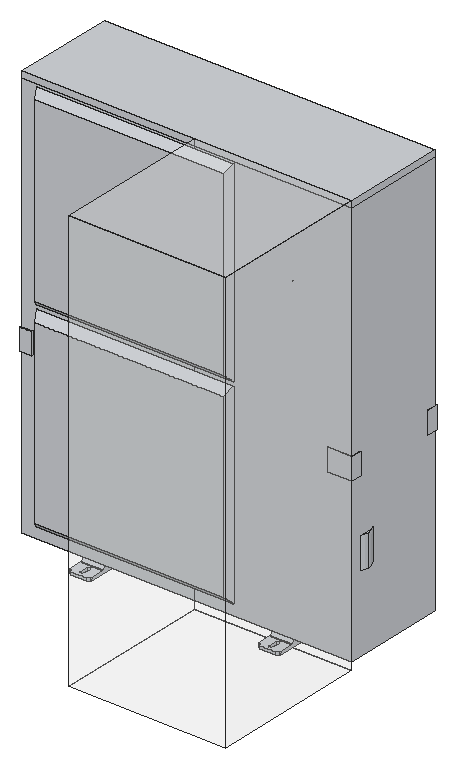
Revit family "pumy-fmp80km3_280hm3_60hz", category 機械設備, Revit 2019 (continued)
Definition of nested family "PUMY-FMP-2"
  Lines and regions (mm)
    symbolic lines, visible <- "表示", detail levels coarse+medium
      curve 29: arc (496.543, 25, 630) -> (491.785, 36.485, 630) -> (480.3, 41.243, 630) r 16.243
      curve 30: arc (496.543, -25, 630) -> (491.785, -36.485, 630) -> (480.3, -41.243, 630) r 16.243
      curve 39: line (-479.7, -48.757, 630) -> (480.3, -48.757, 630)
      curve 40: line (-495.943, -115, 630) -> (-495.943, -65, 630)
      curve 41: line (480.3, -131.243, 630) -> (-479.7, -131.243, 630)
      curve 42: line (496.543, -65, 630) -> (496.543, -115, 630)
      curve 43: arc (-479.7, -48.757, 630) -> (-491.185, -53.515, 630) -> (-495.943, -65, 630) r 16.243
      curve 44: arc (-495.943, -115, 630) -> (-491.185, -126.485, 630) -> (-479.7, -131.243, 630) r 16.243
      curve 45: arc (496.543, -65, 630) -> (491.785, -53.515, 630) -> (480.3, -48.757, 630) r 16.243
      curve 46: arc (496.543, -115, 630) -> (491.785, -126.485, 630) -> (480.3, -131.243, 630) r 16.243
      curve 146: line (233.978, 179.923, 207) -> (-344.835, 179.923, 207)
      curve 147: line (-265, 179.923, 207) -> (-265, 199.4, 207)
      curve 148: line (-265, 199.4, 207) -> (-294, 199.4, 207)
      curve 149: line (-335, 199.4, 207) -> (-335, 179.923, 207)
      curve 150: line (-344.835, 179.923, 207) -> (-463.396, 179.923, 207)
      curve 151: line (-463.396, 179.923, 207) -> (-472.012, 165, 207)
      curve 152: line (-454.732, 165, 207) -> (-525, 165, 207)
      curve 153: line (-525, 165, 207) -> (-525, -165, 207)
      curve 154: line (-525, -165, 207) -> (-70.251, -165, 207)
      curve 155: line (-474.702, -165, 207) -> (-462.801, -190, 207)
      curve 156: line (-462.801, -190, 207) -> (-363.551, -190, 207)
      curve 157: line (-335, -190, 207) -> (-335, -217.6, 207)
      curve 158: line (-335, -217.6, 207) -> (-265, -217.6, 207)
      curve 159: line (-265, -217.6, 207) -> (-265, -190, 207)
      curve 160: line (-363.551, -190, 207) -> (136.799, -190, 207)
      curve 161: line (136.799, -190, 207) -> (148.7, -165, 207)
      curve 162: line (-70.251, -165, 207) -> (443.334, -165, 207)
      curve 163: line (265, -165, 207) -> (265, -217.6, 207)
      curve 164: line (265, -217.6, 207) -> (335, -217.6, 207)
      curve 165: line (335, -217.6, 207) -> (335, -165, 207)
      curve 166: line (443.334, -165, 207) -> (525, -165, 207)
      curve 167: line (525, -165, 207) -> (525, 165, 207)
      curve 168: line (525, 165, 207) -> (-454.732, 165, 207)
      curve 169: line (335, 165, 207) -> (335, 199.4, 207)
      curve 170: line (335, 199.4, 207) -> (306, 199.4, 207)
      curve 171: line (265, 199.4, 207) -> (265, 165, 207)
      curve 172: line (242.594, 165, 207) -> (233.978, 179.923, 207)
      curve 173: line (-306, 179.923, 207) -> (-306, 199.4, 207)
      curve 174: line (-294, 199.4, 207) -> (-294, 179.923, 207)
      curve 175: line (294, 180.4, 207) -> (294, 199.4, 207)
      curve 176: line (306, 199.4, 207) -> (306, 180.4, 207)
      curve 177: arc (306, -203.6, 207) -> (300, -209.6, 207) -> (294, -203.6, 207) r 6
      curve 178: line (306, -179.6, 207) -> (306, -203.6, 207)
      curve 179: line (294, -203.6, 207) -> (294, -179.6, 207)
      curve 180: arc (-294, -203.6, 207) -> (-300, -209.6, 207) -> (-306, -203.6, 207) r 6
      curve 181: line (-306, 199.4, 207) -> (-335, 199.4, 207)
      curve 182: line (294, 199.4, 207) -> (265, 199.4, 207)
      curve 183: arc (306, 180.4, 207) -> (300, 174.4, 207) -> (294, 180.4, 207) r 6
      curve 258: arc (306, -179.6, 207) -> (300, -173.6, 207) -> (294, -179.6, 207) r 6
      curve 259: line (-294, -189.773, 207) -> (-294, -203.6, 207)
      curve 260: line (-306, -189.773, 207) -> (-306, -203.6, 207)
  Dimensions and locks
    locked: plane 12 to level at 26
    plane 11 to plane 12 = 1292 mm
    locked: plane 5 to plane 11 at 20
    "D": plane 9 to plane 8
    "W": plane 6 to plane 7
    equal spacing: plane 9, plane 1 "中心(正面/背面)", plane 8
    equal spacing: plane 6, plane 4, plane 7
    "H": plane 5 to level
    aligned and locked: level to plane 2
    aligned and locked: Extrusion 2 to plane 11
    aligned and locked: plane 5 to Extrusion 2
    aligned and locked: plane 11 to Extrusion 1
  Automatic sketch dimensions
    Extrusion 1 sketch curve to plane 7 = 0 mm
    Extrusion 1 sketch curve to plane 6 = 0 mm
    plane 8 to Extrusion 1 sketch curve = 0 mm
    plane 9 to Extrusion 1 sketch curve = 0 mm
    Extrusion 2 sketch curve to plane 7 = 0 mm
    Extrusion 2 sketch curve to plane 6 = 0 mm
    plane 8 to Extrusion 2 sketch curve = 0 mm
    plane 9 to Extrusion 2 sketch curve = 0 mm
    plane 6 to Blend 3 sketch curve = 50.298 mm
    plane 12 to Blend 3 sketch curve = 33.346 mm
    plane 3 "中心(左/右)" to Blend 3 sketch curve = 148.7 mm
    Blend 3 sketch curve to Blend 3 sketch curve = 620.109 mm
    plane 6 to Blend 3 sketch curve = 62.199 mm
    plane 12 to Blend 3 sketch curve = 56.9 mm
    plane 3 "中心(左/右)" to Blend 3 sketch curve = 136.799 mm
    Blend 3 sketch curve to Blend 3 sketch curve = 573 mm
    curve 42 to plane 7 = 28.457 mm
    curve 26 to plane 7 = 28.457 mm
    curve 10 to plane 7 = 28.457 mm
    curve 45 to curve 39 = 16.243 mm
    curve 46 to curve 41 = 16.243 mm
    curve 14 to curve 14 = 16.243 mm
    curve 30 to curve 30 = 16.243 mm
    curve 23 to curve 14 = 0 mm
    curve 13 to curve 7 = 16.243 mm
    plane 6 to curve 7 = 45.3 mm
    plane 1 "中心(正面/背面)" to curve 28 = 25 mm
    plane 6 to curve 28 = 45.3 mm
    plane 6 to curve 44 = 45.3 mm
    curve 27 to plane 1 "中心(正面/背面)" = 25 mm
    plane 6 to curve 27 = 45.3 mm
    curve 12 to curve 27 = 0 mm
    curve 39 to curve 25 = 0 mm
    curve 43 to curve 40 = 16.243 mm
    curve 27 to curve 24 = 16.243 mm
    curve 11 to curve 8 = 16.243 mm
    curve 9 to curve 23 = 7.515 mm
    plane 8 to curve 13 = 50 mm
    curve 30 to curve 39 = 7.515 mm
    curve 44 to plane 9 = 50 mm
    Masking region 1 sketch curve to plane 6 = 0 mm
    plane 9 to Masking region 1 sketch curve = 0 mm  (x3)
    plane 8 to Masking region 1 sketch curve = 0 mm  (x3)
    plane 10 to Masking region 1 sketch curve = 0 mm  (x2)
    Masking region 1 sketch curve to plane 7 = 0 mm
    Masking region 1 sketch curve to Masking region 1 sketch curve = 50.298 mm
    Masking region 1 sketch curve to Masking region 1 sketch curve = 52.988 mm
    Masking region 1 sketch curve to plane 8 = 14.923 mm  (x2)
    Masking region 1 sketch curve to Masking region 1 sketch curve = 8.616 mm  (x2)
    Masking region 1 sketch curve to Masking region 1 sketch curve = 11.901 mm  (x2)
    plane 10 to Masking region 1 sketch curve = 27.6 mm  (x2)
    Masking region 1 sketch curve to Masking region 1 sketch curve = 127.801 mm
    Masking region 1 sketch curve to Masking region 1 sketch curve = 128.396 mm
    Masking region 1 sketch curve to Masking region 1 sketch curve = 70 mm  (x4)
    plane 3 "中心(左/右)" to Masking region 1 sketch curve = 136.799 mm
    Masking region 1 sketch curve to Masking region 1 sketch curve = 116.3 mm
    plane 3 "中心(左/右)" to Masking region 1 sketch curve = 233.978 mm
    Masking region 1 sketch curve to Masking region 1 sketch curve = 22.406 mm
    Masking region 1 sketch curve to Masking region 1 sketch curve = 19.477 mm
    Masking region 1 sketch curve to Masking region 1 sketch curve = 34.4 mm
    Blend 3 to curve 53 = 0 mm
    Blend 3 to curve 51 = 0 mm
    curve 100 to Blend 3 = 0 mm  (x2)
    curve 99 to Blend 3 = 0 mm  (x2)
    curve 98 to Blend 3 = 0 mm  (x2)
    curve 97 to Blend 3 = 0 mm  (x2)
    curve 96 to Blend 3 = 0 mm  (x2)
    curve 95 to Blend 3 = 0 mm  (x2)
    curve 94 to Blend 3 = 0 mm  (x2)
    curve 93 to Blend 3 = 0 mm  (x2)
    curve 92 to Blend 3 = 0 mm  (x2)
    curve 91 to Blend 3 = 0 mm  (x2)
    curve 90 to Blend 3 = 0 mm  (x2)
    curve 89 to Blend 3 = 0 mm  (x2)
    curve 88 to Blend 3 = 0 mm  (x2)
    curve 87 to Blend 3 = 0 mm  (x2)
    curve 86 to Blend 3 = 0 mm  (x2)
    curve 85 to Blend 3 = 0 mm  (x2)
    curve 84 to Blend 3 = 0 mm  (x2)
    curve 83 to Blend 3 = 0 mm  (x2)
    curve 82 to Blend 3 = 0 mm  (x2)
    curve 81 to Blend 3 = 0 mm  (x2)
    curve 80 to Blend 3 = 0 mm  (x2)
    curve 79 to Blend 3 = 0 mm  (x2)
    curve 78 to Blend 3 = 0 mm  (x2)
    curve 77 to Blend 3 = 0 mm  (x2)
    curve 6 to Blend 3 = 0 mm  (x2)
    curve 55 to Blend 3 = 0 mm  (x2)
    curve 56 to Blend 3 = 0 mm  (x2)
    curve 57 to Blend 3 = 0 mm  (x2)
    curve 58 to Blend 3 = 0 mm  (x2)
    curve 59 to Blend 3 = 0 mm  (x2)
    curve 60 to Blend 3 = 0 mm  (x2)
    curve 61 to Blend 3 = 0 mm  (x2)
    curve 62 to Blend 3 = 0 mm  (x2)
    curve 63 to Blend 3 = 0 mm  (x2)
    curve 64 to Blend 3 = 0 mm  (x2)
    curve 65 to Blend 3 = 0 mm  (x2)
    curve 66 to Blend 3 = 0 mm  (x2)
    curve 67 to Blend 3 = 0 mm  (x2)
    curve 68 to Blend 3 = 0 mm  (x2)
    curve 69 to Blend 3 = 0 mm  (x2)
    curve 70 to Blend 3 = 0 mm  (x2)
    curve 71 to Blend 3 = 0 mm  (x2)
    curve 72 to Blend 3 = 0 mm  (x2)
    curve 73 to Blend 3 = 0 mm  (x2)
    curve 74 to Blend 3 = 0 mm  (x2)
    curve 75 to Blend 3 = 0 mm  (x2)
    curve 76 to Blend 3 = 0 mm  (x2)
    curve 184 to Blend 3 = 0 mm  (x2)
    curve 185 to Blend 3 = 0 mm  (x2)
    curve 186 to Blend 3 = 0 mm  (x2)
    curve 187 to Blend 3 = 0 mm  (x2)
    curve 188 to Blend 3 = 0 mm  (x2)
    curve 189 to Blend 3 = 0 mm  (x2)
    curve 190 to Blend 3 = 0 mm  (x2)
    curve 51 to Blend 3 = 0 mm
    curve 53 to Blend 3 = 0 mm
    Blend 3 to curve 54 = 0 mm
    Blend 3 to curve 5 = 0 mm
    curve 52 to Blend 3 = 0 mm
    curve 100 to Blend 3 = 5.8 mm
    curve 100 to curve 99 = 9 mm
    curve 99 to curve 98 = 9 mm
    curve 98 to curve 97 = 9 mm
    curve 97 to curve 96 = 11.4 mm
    curve 96 to curve 95 = 11.4 mm
    curve 95 to curve 94 = 11.4 mm
    curve 94 to curve 93 = 11.4 mm
    curve 93 to curve 92 = 11.4 mm
    curve 92 to curve 91 = 11.4 mm
    curve 91 to curve 90 = 11.4 mm
    curve 90 to curve 89 = 11.4 mm
    curve 89 to curve 88 = 11.4 mm
    curve 88 to curve 87 = 11.4 mm
    curve 87 to curve 86 = 11.4 mm
    curve 86 to curve 85 = 11.4 mm
    curve 85 to curve 84 = 11.4 mm
    curve 84 to curve 83 = 11.4 mm
    curve 83 to curve 82 = 11.4 mm
    curve 82 to curve 81 = 11.4 mm
    curve 81 to curve 80 = 11.4 mm
    curve 80 to curve 79 = 11.4 mm
    curve 79 to curve 78 = 11.4 mm
    curve 78 to curve 77 = 11.4 mm
    curve 77 to curve 6 = 11.4 mm
    curve 6 to curve 55 = 11.4 mm
    curve 55 to curve 56 = 11.4 mm
    curve 56 to curve 57 = 11.4 mm
    curve 57 to curve 58 = 11.4 mm
    curve 58 to curve 59 = 11.4 mm
    curve 59 to curve 60 = 11.4 mm
    curve 60 to curve 61 = 11.4 mm
    curve 61 to curve 62 = 11.4 mm
    curve 62 to curve 63 = 11.4 mm
    curve 63 to curve 64 = 11.4 mm
    curve 64 to curve 65 = 11.4 mm
    curve 65 to curve 66 = 11.4 mm
    curve 66 to curve 67 = 11.4 mm
    curve 67 to curve 68 = 11.4 mm
    curve 68 to curve 69 = 11.4 mm
    curve 69 to curve 70 = 11.4 mm
    curve 70 to curve 71 = 11.4 mm
    curve 71 to curve 72 = 11.4 mm
    curve 72 to curve 73 = 11.4 mm
    curve 73 to curve 74 = 11.4 mm
    curve 74 to curve 75 = 11.4 mm
    curve 75 to curve 76 = 11.4 mm
    curve 76 to curve 184 = 11.4 mm
    curve 184 to curve 185 = 11.4 mm
    curve 185 to curve 186 = 11.4 mm
    curve 186 to curve 187 = 11.4 mm
    curve 187 to curve 188 = 9 mm
    curve 188 to curve 189 = 9 mm
    curve 190 to Blend 3 = 4 mm
    curve 5 to Blend 3 = 0 mm
    curve 54 to Blend 3 = 0 mm
    Blend 3 to curve 52 = 0 mm
    curve 54 to Blend 3 = 95.006 mm
    curve 54 to curve 53 = 94.994 mm
    curve 53 to curve 5 = 95.006 mm
    curve 5 to curve 51 = 94.994 mm
    curve 51 to curve 52 = 95 mm
    Extrusion 4 sketch curve to level = 0 mm
    Extrusion 4 sketch curve to plane 12 = 0 mm
    plane 9 to Extrusion 4 sketch curve = 1.332 mm
    Extrusion 4 sketch curve to plane 9 = 1.266 mm
    Extrusion 4 sketch curve to plane 9 = 7.693 mm
    Extrusion 4 sketch curve to plane 12 = 2.484 mm
    Extrusion 4 sketch curve to Extrusion 4 sketch curve = 1.434 mm
    Extrusion 4 sketch curve to plane 12 = 1.791 mm
    plane 8 to Extrusion 4 sketch curve = 8.727 mm
    Extrusion 4 sketch curve to Extrusion 4 sketch curve = 1.034 mm
    plane 8 to Extrusion 4 sketch curve = 0.466 mm
    Extrusion 4 sketch curve to plane 8 = 2.132 mm
    level to Extrusion 4 sketch curve = 8.4 mm  (x2)
    Extrusion 4 sketch curve to Extrusion 4 sketch curve = 1.5 mm  (x2)
    curve 22 to plane 7 = 28.457 mm
    curve 4 to plane 7 = 28.457 mm
    curve 38 to plane 7 = 28.457 mm
    curve 49 to curve 35 = 16.243 mm
    curve 50 to curve 36 = 16.243 mm
    curve 17 to curve 17 = 16.243 mm
    curve 18 to curve 18 = 16.243 mm
    curve 19 to curve 18 = 0 mm
    curve 20 to curve 35 = 0 mm
    plane 1 "中心(正面/背面)" to curve 32 = 25 mm
    plane 6 to curve 32 = 45.3 mm
    plane 6 to curve 2 = 45.3 mm
    curve 31 to curve 2 = 0 mm
    plane 6 to curve 15 = 45.3 mm
    plane 6 to curve 48 = 45.3 mm
    curve 35 to curve 20 = 0 mm
    curve 48 to curve 37 = 16.243 mm
    curve 31 to curve 21 = 16.243 mm
    curve 16 to curve 3 = 16.243 mm
    curve 21 to plane 1 "中心(正面/背面)" = 25 mm
    curve 2 to curve 31 = 7.515 mm
    curve 3 to curve 3 = 50 mm
    curve 34 to curve 35 = 7.515 mm
    curve 48 to plane 9 = 50 mm
    plane 8 to Extrusion 5 sketch curve = 0 mm
    plane 3 "中心(左/右)" to Extrusion 5 sketch curve = 242.594 mm
    Extrusion 5 sketch curve to Extrusion 5 sketch curve = 8.616 mm  (x2)
    Extrusion 5 sketch curve to plane 8 = 14.923 mm
    plane 6 to Extrusion 5 sketch curve = 61.604 mm
    curve 125 to Extrusion 5 = 0 mm
    Extrusion 5 to curve 125 = 0 mm
    Extrusion 6 sketch curve to plane 7 = 0 mm  (x2)
    plane 8 to Extrusion 6 sketch curve = 0 mm  (x2)
    plane 9 to Extrusion 6 sketch curve = 0 mm  (x2)
    Extrusion 6 sketch curve to plane 6 = 0 mm  (x2)
    plane 7 to Extrusion 6 sketch curve = 2.8 mm  (x2)
    Extrusion 6 sketch curve to Extrusion 6 sketch curve = 76.1 mm  (x2)
    plane 6 to Extrusion 6 sketch curve = 35 mm  (x2)
    Extrusion 6 sketch curve to Extrusion 6 sketch curve = 2.8 mm  (x2)
    Extrusion 6 sketch curve to plane 6 = 2.8 mm
    Extrusion 6 sketch curve to plane 8 = 2.8 mm  (x2)
    plane 8 to Extrusion 6 sketch curve = 32.2 mm
    plane 8 to Extrusion 6 sketch curve = 74.2 mm
    Extrusion 6 sketch curve to plane 9 = 74.2 mm
    Extrusion 6 sketch curve to plane 9 = 32.2 mm
    plane 9 to Extrusion 6 sketch curve = 2.8 mm
    curve 168 to plane 7 = 0 mm
    plane 9 to curve 162 = 0 mm
    plane 8 to curve 169 = 0 mm
    plane 10 to curve 161 = 0 mm
    curve 153 to plane 6 = 0 mm
    curve 166 to curve 162 = 81.666 mm
    curve 169 to plane 8 = 34.4 mm
    curve 169 to plane 7 = 190 mm
    plane 10 to curve 164 = 27.6 mm
    curve 162 to curve 164 = 108.334 mm
    curve 169 to curve 170 = 29 mm
    curve 164 to curve 178 = 29 mm
    curve 183 to curve 183 = 6 mm
    curve 258 to curve 258 = 6 mm
    curve 177 to curve 163 = 29 mm
    curve 175 to curve 171 = 29 mm
    curve 172 to plane 8 = 14.923 mm
    curve 163 to curve 161 = 128.201 mm
    curve 154 to plane 3 "中心(左/右)" = 70.251 mm
    plane 10 to curve 159 = 27.6 mm
    curve 154 to curve 159 = 194.749 mm
    curve 148 to plane 8 = 34.4 mm
    curve 148 to plane 3 "中心(左/右)" = 265 mm
    curve 147 to curve 174 = 29 mm
    curve 159 to curve 180 = 35 mm
    curve 148 to curve 181 = 12 mm
    curve 173 to curve 149 = 29 mm
    curve 180 to curve 157 = 35 mm
    curve 149 to curve 146 = 9.835 mm
    curve 157 to curve 160 = 28.551 mm
    plane 6 to curve 155 = 62.199 mm
    plane 6 to curve 150 = 61.604 mm
    curve 152 to curve 150 = 8.664 mm
    curve 170 to curve 182 = 0 mm
    curve 149 to curve 149 = 19.477 mm
    curve 175 to plane 8 = 15.4 mm
    curve 179 to plane 10 = 10.4 mm
    plane 10 to curve 177 = 13.6 mm
    curve 161 to curve 160 = 11.901 mm
    curve 259 to plane 10 = 0.227 mm
    curve 259 to curve 180 = 6 mm
    curve 155 to curve 155 = 11.901 mm
    curve 174 to plane 8 = 14.923 mm
    curve 173 to curve 174 = 0 mm
    curve 163 to plane 10 = 25 mm
    curve 165 to plane 10 = 25 mm
    curve 260 to plane 10 = 0.227 mm
    plane 9 to Extrusion 8 sketch curve = 1.332 mm  (x2)
    Extrusion 8 sketch curve to plane 7 = 190 mm  (x2)
    Extrusion 8 sketch curve to plane 8 = 2.132 mm  (x4)
    Extrusion 8 sketch curve to Extrusion 8 sketch curve = 3 mm  (x7)
    Extrusion 8 sketch curve to Extrusion 8 sketch curve = 2 mm  (x8)
    Extrusion 8 sketch curve to Extrusion 8 sketch curve = 5 mm  (x14)
    Extrusion 8 sketch curve to Extrusion 8 sketch curve = 14 mm  (x6)
    Extrusion 8 sketch curve to plane 10 = 10.4 mm  (x2)
    Extrusion 8 sketch curve to Extrusion 8 sketch curve = 29 mm  (x2)
    Extrusion 8 sketch curve to Extrusion 8 sketch curve = 6 mm  (x4)
    Extrusion 8 sketch curve to Extrusion 8 sketch curve = 19 mm  (x3)
    plane 6 to Extrusion 8 sketch curve = 260 mm  (x2)
    Extrusion 8 sketch curve to plane 8 = 26.4 mm
    Extrusion 8 sketch curve to Extrusion 8 sketch curve = 32.268 mm
    plane 10 to Extrusion 8 sketch curve = 13.6 mm  (x2)
    plane 10 to Extrusion 8 sketch curve = 19.6 mm  (x2)
    Extrusion 9 sketch curve to level = 0 mm
    Extrusion 9 sketch curve to plane 12 = 0 mm
    plane 9 to Extrusion 9 sketch curve = 1.332 mm
    Extrusion 9 sketch curve to plane 9 = 1.266 mm
    Extrusion 9 sketch curve to plane 9 = 7.693 mm
    Extrusion 9 sketch curve to plane 12 = 2.484 mm
    Extrusion 9 sketch curve to Extrusion 9 sketch curve = 1.434 mm
    Extrusion 9 sketch curve to plane 12 = 1.791 mm
    plane 8 to Extrusion 9 sketch curve = 8.727 mm
    Extrusion 9 sketch curve to Extrusion 9 sketch curve = 1.034 mm
    plane 8 to Extrusion 9 sketch curve = 0.466 mm
    Extrusion 9 sketch curve to plane 8 = 2.132 mm
    level to Extrusion 9 sketch curve = 8.4 mm  (x2)
    Extrusion 9 sketch curve to Extrusion 9 sketch curve = 1.5 mm  (x2)
    plane 10 to curve 180 = 13.6 mm
    curve 145 to plane 11 = 0 mm
    curve 145 to plane 12 = 0 mm
    curve 381 to plane 1 "中心(正面/背面)" = 0 mm
    curve 420 to plane 1 "中心(正面/背面)" = 0 mm
    curve 418 to plane 1 "中心(正面/背面)" = 0 mm
    curve 300 to plane 1 "中心(正面/背面)" = 0 mm
    curve 382 to plane 1 "中心(正面/背面)" = 0 mm
    curve 332 to plane 1 "中心(正面/背面)" = 0 mm
    curve 330 to plane 1 "中心(正面/背面)" = 0 mm
    curve 349 to plane 1 "中心(正面/背面)" = 0 mm
    curve 266 to plane 1 "中心(正面/背面)" = 0 mm
    curve 298 to plane 1 "中心(正面/背面)" = 0 mm
    curve 350 to plane 1 "中心(正面/背面)" = 0 mm
    curve 268 to plane 1 "中心(正面/背面)" = 0 mm
    curve 264 to curve 268 = 11 mm
    plane 1 "中心(正面/背面)" to curve 416 = 11 mm
    plane 1 "中心(正面/背面)" to curve 352 = 11 mm
    plane 1 "中心(正面/背面)" to curve 296 = 11 mm
    plane 1 "中心(正面/背面)" to curve 328 = 11 mm
    plane 1 "中心(正面/背面)" to curve 384 = 11 mm
    curve 407 to curve 416 = 13 mm
    curve 343 to curve 352 = 13 mm
    curve 106 to curve 264 = 13 mm
    curve 319 to curve 328 = 13 mm
    curve 375 to curve 384 = 13 mm
    curve 287 to curve 296 = 13 mm
    curve 291 to curve 291 = 11 mm
    curve 373 to curve 377 = 11 mm
    curve 104 to curve 108 = 11 mm
    curve 105 to curve 110 = 11 mm
    curve 289 to curve 289 = 11 mm
    curve 411 to curve 411 = 11 mm
    curve 409 to curve 409 = 11 mm
    curve 317 to curve 286 = 0 mm
    curve 318 to curve 323 = 11 mm
    curve 379 to curve 379 = 11 mm
    curve 347 to curve 347 = 11 mm
    curve 341 to curve 318 = 0 mm
    curve 104 to curve 108 = 12 mm
    curve 406 to curve 406 = 12 mm
    curve 342 to curve 347 = 12 mm
    curve 341 to curve 345 = 12 mm
    curve 290 to curve 289 = 12 mm
    curve 105 to curve 290 = 0 mm
    curve 373 to curve 342 = 0 mm
    curve 324 to curve 323 = 12 mm
    curve 374 to curve 379 = 12 mm
    curve 292 to curve 291 = 12 mm
    curve 322 to curve 321 = 12 mm
    curve 405 to curve 374 = 0 mm
    curve 408 to curve 412 = 11 mm
    curve 344 to curve 348 = 11 mm
    curve 376 to curve 380 = 11 mm
    curve 320 to curve 322 = 11 mm
    curve 288 to curve 290 = 11 mm
    curve 107 to curve 111 = 11 mm
    curve 267 to plane 1 "中心(正面/背面)" = 12 mm
    curve 325 to curve 325 = 12 mm
    curve 326 to curve 326 = 12 mm
    curve 388 to curve 387 = 12 mm
    curve 349 to curve 326 = 0 mm
    curve 261 to plane 1 "中心(正面/背面)" = 12 mm
    curve 381 to curve 381 = 12 mm
    curve 413 to curve 382 = 0 mm
    curve 414 to curve 414 = 12 mm
    curve 350 to curve 385 = 0 mm
    curve 293 to curve 262 = 0 mm
    curve 300 to curve 299 = 12 mm
    curve 299 to curve 295 = 11 mm
    curve 355 to curve 351 = 11 mm
    curve 267 to curve 263 = 11 mm
    curve 419 to curve 415 = 11 mm
    curve 331 to curve 327 = 11 mm
    curve 385 to curve 383 = 11 mm
    curve 263 to curve 272 = 13 mm
    curve 415 to curve 424 = 13 mm
    curve 383 to curve 392 = 13 mm
    curve 327 to curve 336 = 13 mm
    curve 295 to curve 304 = 13 mm
    curve 351 to curve 360 = 13 mm
    curve 308 to curve 302 = 11 mm
    curve 364 to curve 358 = 11 mm
    curve 428 to curve 428 = 11 mm
    curve 362 to curve 357 = 11 mm
    curve 426 to curve 426 = 11 mm
    curve 306 to curve 306 = 11 mm
    curve 274 to curve 274 = 11 mm
    curve 276 to curve 276 = 11 mm
    curve 389 to curve 358 = 0 mm
    curve 390 to curve 426 = 0 mm
    curve 340 to curve 340 = 11 mm
    curve 338 to curve 338 = 11 mm
    curve 362 to curve 361 = 12 mm
    curve 334 to curve 361 = 0 mm
    curve 396 to curve 395 = 12 mm
    curve 333 to curve 333 = 12 mm
    curve 301 to curve 301 = 12 mm
    curve 270 to curve 305 = 0 mm
    curve 269 to curve 269 = 12 mm
    curve 302 to curve 337 = 0 mm
    curve 421 to curve 390 = 0 mm
    curve 428 to curve 427 = 12 mm
    curve 394 to curve 393 = 12 mm
    curve 364 to curve 363 = 12 mm
    curve 361 to curve 359 = 11 mm
    curve 427 to curve 423 = 11 mm
    curve 393 to curve 391 = 11 mm
    curve 307 to curve 303 = 11 mm
    curve 273 to curve 271 = 11 mm
    curve 339 to curve 335 = 11 mm
    curve 359 to curve 368 = 13 mm
    curve 423 to curve 432 = 13 mm
    curve 303 to curve 312 = 13 mm
    curve 391 to curve 400 = 13 mm
    curve 271 to curve 280 = 13 mm
    curve 404 to curve 404 = 11 mm
    curve 436 to curve 436 = 11 mm
    curve 434 to curve 434 = 11 mm
    curve 402 to curve 402 = 11 mm
    curve 372 to curve 372 = 11 mm
    curve 282 to curve 282 = 11 mm
    curve 370 to curve 370 = 11 mm
    curve 284 to curve 284 = 11 mm
    curve 316 to curve 316 = 11 mm
    curve 309 to curve 278 = 0 mm
    curve 314 to curve 313 = 12 mm
    curve 436 to curve 435 = 12 mm
    curve 404 to curve 403 = 12 mm
    curve 316 to curve 315 = 12 mm
    curve 397 to curve 397 = 12 mm
    curve 278 to curve 313 = 0 mm
    curve 277 to curve 277 = 12 mm
    curve 365 to curve 365 = 12 mm
    curve 366 to curve 401 = 0 mm
    curve 434 to curve 433 = 12 mm
    curve 433 to curve 431 = 11 mm
    curve 371 to curve 367 = 11 mm
    curve 283 to curve 279 = 11 mm
    curve 313 to curve 311 = 11 mm
    curve 403 to curve 399 = 11 mm
    plane 12 to curve 104 = 67 mm
    plane 12 to curve 277 = 67 mm
    curve 269 to curve 280 = 11 mm
    curve 261 to curve 272 = 11 mm
    curve 266 to curve 268 = 173 mm
    curve 106 to curve 264 = 0 mm
    curve 263 to curve 280 = 0 mm
    curve 271 to curve 280 = 0 mm
    curve 111 to curve 285 = 9 mm
    curve 278 to curve 309 = 9 mm
    curve 270 to curve 301 = 9 mm
    curve 262 to curve 293 = 9 mm
    curve 288 to curve 288 = 173 mm
    curve 287 to curve 299 = 0 mm
    curve 295 to curve 303 = 0 mm
    curve 303 to curve 315 = 0 mm
    curve 286 to curve 317 = 9 mm
    curve 302 to curve 333 = 9 mm
    curve 294 to curve 325 = 9 mm
    curve 327 to curve 327 = 173 mm
    curve 327 to curve 339 = 0 mm
    curve 320 to curve 328 = 0 mm
    curve 318 to curve 341 = 9 mm
    curve 335 to curve 365 = 20 mm
    curve 334 to curve 357 = 9 mm
    curve 326 to curve 349 = 9 mm
    curve 344 to curve 344 = 173 mm
    curve 343 to curve 355 = 0 mm
    curve 351 to curve 359 = 0 mm
    curve 359 to curve 371 = 0 mm
    curve 366 to curve 397 = 9 mm
    curve 342 to curve 373 = 9 mm
    curve 358 to curve 389 = 9 mm
    curve 350 to curve 381 = 9 mm
    curve 385 to curve 387 = 173 mm
    curve 383 to curve 400 = 0 mm
    curve 391 to curve 400 = 0 mm
    curve 380 to curve 384 = 0 mm
    curve 374 to curve 405 = 9 mm
    curve 390 to curve 421 = 9 mm
    curve 382 to curve 413 = 9 mm
    curve 398 to curve 429 = 9 mm
    curve 436 to plane 11 = 21 mm
    curve 420 to plane 11 = 21 mm
    curve 407 to curve 416 = 0 mm
    curve 423 to curve 432 = 0 mm
    curve 145 to curve 109 = 28.4 mm
    curve 102 to Extrusion 1 = 0 mm
    curve 103 to Extrusion 1 = 0 mm
    curve 101 to Extrusion 1 = 0 mm  (x2)
    curve 254 to Extrusion 1 = 183.757 mm
    curve 254 to curve 256 = 11.243 mm
    curve 254 to curve 253 = 11.243 mm
    curve 252 to curve 252 = 106 mm
    curve 257 to curve 255 = 106 mm
    curve 255 to curve 250 = 11.243 mm
    Extrusion 1 to curve 256 = 222.757 mm
    Extrusion 1 to curve 251 = 227.6 mm
    curve 252 to curve 102 = 58 mm
    Extrusion 1 to curve 103 = 181 mm
    curve 103 to curve 102 = 23 mm
    curve 119 to plane 9 = 0 mm
    curve 118 to plane 9 = 0 mm
    curve 120 to plane 11 = 0 mm
    curve 120 to plane 12 = 0 mm
    curve 118 to plane 8 = 0 mm
    curve 119 to plane 8 = 0 mm
    plane 1 "中心(正面/背面)" to curve 122 = 3.614 mm
    curve 484 to plane 1 "中心(正面/背面)" = 5.672 mm
    curve 460 to plane 1 "中心(正面/背面)" = 5.672 mm
    curve 472 to plane 1 "中心(正面/背面)" = 5.672 mm  (x2)
    curve 502 to plane 1 "中心(正面/背面)" = 5.672 mm
    curve 466 to plane 1 "中心(正面/背面)" = 5.672 mm  (x2)
    curve 113 to plane 1 "中心(正面/背面)" = 5.672 mm  (x2)
    curve 454 to plane 1 "中心(正面/背面)" = 5.672 mm
    curve 496 to plane 1 "中心(正面/背面)" = 5.672 mm  (x2)
    curve 478 to plane 1 "中心(正面/背面)" = 5.672 mm
    curve 490 to plane 1 "中心(正面/背面)" = 5.672 mm  (x2)
    curve 477 to plane 1 "中心(正面/背面)" = 5.672 mm
    curve 483 to plane 1 "中心(正面/背面)" = 5.672 mm
    curve 501 to plane 1 "中心(正面/背面)" = 5.672 mm
    curve 459 to plane 1 "中心(正面/背面)" = 5.672 mm
    curve 453 to plane 1 "中心(正面/背面)" = 5.672 mm
    curve 121 to plane 1 "中心(正面/背面)" = 8.3 mm
    curve 493 to curve 491 = 3 mm
    curve 454 to curve 455 = 3 mm
    curve 487 to curve 487 = 3 mm
    curve 460 to curve 461 = 3 mm
    curve 499 to curve 497 = 3 mm
    curve 478 to curve 481 = 3 mm
    curve 113 to curve 116 = 3 mm
    curve 472 to curve 475 = 3 mm
    curve 505 to curve 503 = 3 mm
    curve 466 to curve 469 = 3 mm
    curve 457 to curve 458 = 65.657 mm
    curve 481 to curve 482 = 65.657 mm
    curve 476 to curve 482 = 0 mm
    curve 461 to curve 455 = 0 mm
    curve 485 to curve 479 = 0 mm
    curve 114 to curve 458 = 0 mm
    curve 500 to curve 506 = 0 mm
    curve 491 to curve 500 = 0 mm
    curve 467 to curve 476 = 0 mm
    curve 491 to curve 495 = 3 mm
    curve 467 to curve 471 = 3 mm
    curve 485 to curve 492 = 3 mm
    curve 117 to curve 115 = 3 mm  (x2)
    curve 461 to curve 465 = 3 mm
    curve 497 to curve 501 = 3 mm
    curve 479 to curve 486 = 3 mm
    curve 455 to curve 462 = 3 mm
    curve 114 to curve 453 = 3 mm
    curve 473 to curve 477 = 3 mm
    curve 482 to curve 480 = 3 mm
    curve 500 to curve 498 = 3 mm
    curve 458 to curve 456 = 3 mm
    curve 494 to curve 492 = 3 mm
    curve 506 to curve 504 = 3 mm
    curve 464 to curve 462 = 3 mm
    curve 488 to curve 486 = 3 mm
    curve 476 to curve 474 = 3 mm
    curve 470 to curve 468 = 3 mm
    curve 447 to plane 11 = 21 mm
    plane 8 to curve 447 = 233.243 mm
    curve 447 to curve 448 = 11.243 mm
    curve 446 to curve 446 = 11.243 mm
    curve 446 to curve 452 = 12 mm
    curve 449 to curve 449 = 12 mm
    curve 450 to curve 451 = 11.243 mm
    curve 450 to curve 439 = 34.515 mm
    curve 439 to curve 440 = 11.243 mm
    curve 439 to curve 438 = 11.243 mm
    curve 437 to plane 11 = 9.757 mm
    curve 437 to curve 437 = 59 mm
    curve 441 to curve 441 = 59 mm
    curve 442 to curve 443 = 11.243 mm
    plane 12 to curve 123 = 22.65 mm
    curve 122 to curve 122 = 110 mm
    plane 12 to curve 449 = 216.757 mm
    curve 112 to curve 115 = 13.561 mm
    curve 112 to curve 113 = 13.561 mm
    curve 113 to curve 116 = 0 mm
    curve 114 to curve 456 = 3.439 mm
    curve 453 to curve 456 = 13.561 mm
    curve 453 to curve 454 = 13.561 mm
    curve 456 to curve 458 = 0 mm
    curve 455 to curve 459 = 3.439 mm
    curve 459 to curve 462 = 13.561 mm
    curve 459 to curve 460 = 13.561 mm
    curve 460 to curve 463 = 0 mm
    curve 461 to curve 465 = 3.439 mm
    curve 465 to curve 468 = 13.561 mm
    curve 465 to curve 466 = 13.561 mm
    curve 468 to curve 470 = 0 mm
    curve 467 to curve 474 = 3.439 mm
    curve 471 to curve 474 = 13.561 mm
    curve 471 to curve 472 = 13.561 mm
    curve 474 to curve 476 = 0 mm
    curve 473 to curve 477 = 3.439 mm
    curve 477 to curve 480 = 13.561 mm
    curve 477 to curve 478 = 13.561 mm
    curve 480 to curve 482 = 0 mm
    curve 479 to curve 486 = 3.439 mm
    curve 483 to curve 486 = 13.561 mm
    curve 483 to curve 484 = 13.561 mm
    curve 486 to curve 488 = 0 mm
    curve 485 to curve 489 = 3.439 mm
    curve 489 to curve 492 = 13.561 mm
    curve 489 to curve 490 = 13.561 mm
    curve 493 to curve 493 = 0 mm
    curve 491 to curve 495 = 3.439 mm
    curve 495 to curve 498 = 13.561 mm
    curve 495 to curve 496 = 13.561 mm
    curve 498 to curve 500 = 0 mm
    curve 497 to curve 501 = 3.439 mm
    curve 501 to curve 504 = 13.561 mm
    curve 501 to curve 502 = 13.561 mm
    curve 504 to curve 506 = 0 mm
    curve 450 to curve 441 = 238.657 mm
    plane 1 "中心(正面/背面)" to curve 120 = 12 mm
    curve 119 to curve 112 = 72.4 mm
    curve 119 to curve 118 = 23 mm
    curve 144 to plane 11 = 0 mm
    curve 144 to plane 12 = 0 mm
    curve 143 to plane 7 = 0 mm
    curve 142 to plane 7 = 0 mm
    curve 139 to plane 11 = 21.4 mm
    curve 139 to plane 7 = 86.757 mm
    curve 138 to curve 138 = 11.243 mm
    curve 141 to curve 139 = 11.243 mm
    curve 141 to curve 141 = 38 mm
    curve 136 to curve 138 = 38 mm
    curve 135 to curve 134 = 11.243 mm
    curve 131 to curve 135 = 12.515 mm
    curve 133 to curve 131 = 11.243 mm
    curve 130 to curve 130 = 11.243 mm
    curve 133 to curve 133 = 38 mm
    curve 128 to plane 11 = 21.4 mm
    curve 128 to curve 130 = 38 mm
    curve 127 to curve 128 = 11.243 mm
    plane 12 to curve 133 = 216.257 mm
    curve 141 to curve 131 = 11.243 mm
    curve 142 to curve 133 = 38.1 mm
    curve 143 to curve 133 = 58.257 mm
    curve 143 to curve 142 = 23 mm
    plane 6 to Blend 7 sketch curve = 50.298 mm
    plane 3 "中心(左/右)" to Blend 7 sketch curve = 148.7 mm
    Blend 7 sketch curve to plane 11 = 626.254 mm
    Blend 7 sketch curve to plane 11 = 6.146 mm
    plane 6 to Blend 7 sketch curve = 62.199 mm
    plane 3 "中心(左/右)" to Blend 7 sketch curve = 136.799 mm
    Blend 7 sketch curve to plane 11 = 602.7 mm
    Blend 7 sketch curve to plane 11 = 29.7 mm
    Blend 7 to curve 195 = 0 mm
    Blend 7 to curve 193 = 0 mm
    curve 242 to Blend 7 = 0 mm  (x2)
    curve 241 to Blend 7 = 0 mm  (x2)
    curve 240 to Blend 7 = 0 mm  (x2)
    curve 239 to Blend 7 = 0 mm  (x2)
    curve 238 to Blend 7 = 0 mm  (x2)
    curve 237 to Blend 7 = 0 mm  (x2)
    curve 236 to Blend 7 = 0 mm  (x2)
    curve 235 to Blend 7 = 0 mm  (x2)
    curve 234 to Blend 7 = 0 mm  (x2)
    curve 233 to Blend 7 = 0 mm  (x2)
    curve 232 to Blend 7 = 0 mm  (x2)
    curve 231 to Blend 7 = 0 mm  (x2)
    curve 230 to Blend 7 = 0 mm  (x2)
    curve 229 to Blend 7 = 0 mm  (x2)
    curve 228 to Blend 7 = 0 mm  (x2)
    curve 227 to Blend 7 = 0 mm  (x2)
    curve 226 to Blend 7 = 0 mm  (x2)
    curve 225 to Blend 7 = 0 mm  (x2)
    curve 224 to Blend 7 = 0 mm  (x2)
    curve 223 to Blend 7 = 0 mm  (x2)
    curve 222 to Blend 7 = 0 mm  (x2)
    curve 221 to Blend 7 = 0 mm  (x2)
    curve 220 to Blend 7 = 0 mm  (x2)
    curve 219 to Blend 7 = 0 mm  (x2)
    curve 192 to Blend 7 = 0 mm  (x2)
    curve 197 to Blend 7 = 0 mm  (x2)
    curve 198 to Blend 7 = 0 mm  (x2)
    curve 199 to Blend 7 = 0 mm  (x2)
    curve 200 to Blend 7 = 0 mm  (x2)
    curve 201 to Blend 7 = 0 mm  (x2)
    curve 202 to Blend 7 = 0 mm  (x2)
    curve 203 to Blend 7 = 0 mm  (x2)
    curve 204 to Blend 7 = 0 mm  (x2)
    curve 205 to Blend 7 = 0 mm  (x2)
    curve 206 to Blend 7 = 0 mm  (x2)
    curve 207 to Blend 7 = 0 mm  (x2)
    curve 208 to Blend 7 = 0 mm  (x2)
    curve 209 to Blend 7 = 0 mm  (x2)
    curve 210 to Blend 7 = 0 mm  (x2)
    curve 211 to Blend 7 = 0 mm  (x2)
    curve 212 to Blend 7 = 0 mm  (x2)
    curve 213 to Blend 7 = 0 mm  (x2)
    curve 214 to Blend 7 = 0 mm  (x2)
    curve 215 to Blend 7 = 0 mm  (x2)
    curve 216 to Blend 7 = 0 mm  (x2)
    curve 217 to Blend 7 = 0 mm  (x2)
    curve 218 to Blend 7 = 0 mm  (x2)
    curve 243 to Blend 7 = 0 mm  (x2)
    curve 244 to Blend 7 = 0 mm  (x2)
    curve 245 to Blend 7 = 0 mm  (x2)
    curve 246 to Blend 7 = 0 mm  (x2)
    curve 247 to Blend 7 = 0 mm  (x2)
    curve 248 to Blend 7 = 0 mm  (x2)
    curve 249 to Blend 7 = 0 mm  (x2)
    curve 193 to Blend 7 = 0 mm
    curve 195 to Blend 7 = 0 mm
    Blend 7 to curve 196 = 0 mm
    Blend 7 to curve 191 = 0 mm
    curve 194 to Blend 7 = 0 mm
    curve 242 to Blend 7 = 5.8 mm
    curve 242 to curve 241 = 9 mm
    curve 241 to curve 240 = 9 mm
    curve 240 to curve 239 = 9 mm
    curve 239 to curve 238 = 11.4 mm
    curve 238 to curve 237 = 11.4 mm
    curve 237 to curve 236 = 11.4 mm
    curve 236 to curve 235 = 11.4 mm
    curve 235 to curve 234 = 11.4 mm
    curve 234 to curve 233 = 11.4 mm
    curve 233 to curve 232 = 11.4 mm
    curve 232 to curve 231 = 11.4 mm
    curve 231 to curve 230 = 11.4 mm
    curve 230 to curve 229 = 11.4 mm
    curve 229 to curve 228 = 11.4 mm
    curve 228 to curve 227 = 11.4 mm
    curve 227 to curve 226 = 11.4 mm
    curve 226 to curve 225 = 11.4 mm
    curve 225 to curve 224 = 11.4 mm
    curve 224 to curve 223 = 11.4 mm
    curve 223 to curve 222 = 11.4 mm
    curve 222 to curve 221 = 11.4 mm
    curve 221 to curve 220 = 11.4 mm
    curve 220 to curve 219 = 11.4 mm
    curve 219 to curve 192 = 11.4 mm
    curve 192 to curve 197 = 11.4 mm
    curve 197 to curve 198 = 11.4 mm
    curve 198 to curve 199 = 11.4 mm
    curve 199 to curve 200 = 11.4 mm
    curve 200 to curve 201 = 11.4 mm
    curve 201 to curve 202 = 11.4 mm
    curve 202 to curve 203 = 11.4 mm
    curve 203 to curve 204 = 11.4 mm
    curve 204 to curve 205 = 11.4 mm
    curve 205 to curve 206 = 11.4 mm
    curve 206 to curve 207 = 11.4 mm
    curve 207 to curve 208 = 11.4 mm
    curve 208 to curve 209 = 11.4 mm
    curve 209 to curve 210 = 11.4 mm
    curve 210 to curve 211 = 11.4 mm
    curve 211 to curve 212 = 11.4 mm
    curve 212 to curve 213 = 11.4 mm
    curve 213 to curve 214 = 11.4 mm
    curve 214 to curve 215 = 11.4 mm
    curve 215 to curve 216 = 11.4 mm
    curve 216 to curve 217 = 11.4 mm
    curve 217 to curve 218 = 11.4 mm
    curve 218 to curve 243 = 11.4 mm
    curve 243 to curve 244 = 11.4 mm
    curve 244 to curve 245 = 11.4 mm
    curve 245 to curve 246 = 11.4 mm
    curve 246 to curve 247 = 9 mm
    curve 247 to curve 248 = 9 mm
    curve 249 to Blend 7 = 4 mm
    curve 191 to Blend 7 = 0 mm
    curve 196 to Blend 7 = 0 mm
    Blend 7 to curve 194 = 0 mm
    curve 196 to Blend 7 = 95.006 mm
    curve 196 to curve 195 = 94.994 mm
    curve 195 to curve 191 = 95.006 mm
    curve 191 to curve 193 = 94.994 mm
    curve 193 to curve 194 = 95 mm
    curve 506 to curve 489 = 3 mm
    curve 121 to curve 115 = 97.75 mm
    curve 172 to curve 168 = 697.326 mm
    curve 172 to curve 172 = 8.616 mm
    curve 150 to curve 151 = 8.616 mm
Definition of nested family "固定点"
  Parameters (values of type "固定点")
    中心円 = if(W > 599 mm, 12 mm, 10 mm)  # 12 mm
    W = 1000 mm
    D = 1000 mm
  Reference planes
    plane 1 "中心(正面/背面)": y = 0
    plane 2: z = 0
    plane 3 "中心(左/右)": x = 0
    plane 4: x = 1000
    plane 5: y = 1000
  Lines and regions (mm)
    symbolic lines, detail levels fine
      curve 1: circle (0, 1000, 0) r 6 normal (0, 0, 1)
      curve 2: circle (0, 0, 0) r 6 normal (0, 0, 1)
      curve 3: circle (1000, 1000, 0) r 6 normal (0, 0, 1)
      curve 4: circle (1000, 0, 0) r 6 normal (0, 0, 1)
      curve 5: line (-200, 1000, 0) -> (1200, 1000, 0)
      curve 6: line (-200, 0, 0) -> (1200, 0, 0)
      curve 7: line (0, 1200, 0) -> (0, -200, 0)
      curve 8: line (1000, 1200, 0) -> (1000, -200, 0)
  Dimensions and locks
    "W": plane 3 "中心(左/右)" to plane 4
    "D": plane 1 "中心(正面/背面)" to plane 5
    "中心円": diameter of curve 1
    "中心円": diameter of curve 2
    "中心円": diameter of curve 3
    "中心円": diameter of curve 4
    aligned and locked: level to plane 2
    aligned and locked: plane 5 to curve 1
    aligned and locked: plane 3 "中心(左/右)" to curve 1
    aligned and locked: plane 3 "中心(左/右)" to curve 2
    aligned and locked: plane 1 "中心(正面/背面)" to curve 2
    aligned and locked: plane 4 to curve 3
    aligned and locked: plane 5 to curve 3
    aligned and locked: plane 1 "中心(正面/背面)" to curve 4
    aligned and locked: plane 4 to curve 4
    aligned and locked: plane 1 "中心(正面/背面)" to curve 6
    aligned and locked: curve 7 to plane 3 "中心(左/右)"
    aligned and locked: curve 8 to plane 4
  Automatic sketch dimensions
    curve 5 to plane 5 = 0 mm
    curve 6 to plane 3 "中心(左/右)" = 200 mm
    curve 5 to plane 3 "中心(左/右)" = 200 mm
    curve 4 to curve 6 = 200 mm
    curve 3 to curve 5 = 200 mm
    plane 1 "中心(正面/背面)" to curve 8 = 200 mm
    plane 1 "中心(正面/背面)" to curve 7 = 200 mm
    curve 3 to curve 8 = 200 mm
    curve 1 to curve 7 = 200 mm
Types (2, lengths in mm): name | 風量 (㎥/min) | 風量 | 音響パワーレベル_暖房 (dB) | 音響パワーレベル_冷房 (dB) | 音響パワーレベル(dB) | 電動機出力_送風機 | 電動機出力_圧縮機 | 消費電力_暖房 | 消費電力_冷房 | 消費電力 | 最小電線太さ_mm2 | 最大電流値 | 暖房能力 | 推奨ブレーカー容量 | 冷房能力 | モデル | URL | COP_暖房 | COP_冷房 | COP
  PUMY-FMP280HM3 | 140 | 8400.0 m³/h | 82 | 82 | 82 | 0.4 kW | 5.43 kW | 7.18 kW | 9.45 kW | 9.45 kW | 14 | 39 A | 28 kW | 50 A | 25 kW | "PUMY-FMP280HM3" | "https://www.mitsubishielectric.co.jp/ldg/wink/qr/002/357218/" | 3.89 | 2.64 | 3.265
  PUMY-FMP224HM3 | 130 | 7800.0 m³/h | 80 | 80 | 80 | 0.3 kW | 4.09 kW | 4.98 kW | 5.64 kW | 5.64 kW | 8 | 36 A | 22.4 kW | 40 A | 20 kW | "PUMY-FMP224HM3" | "https://www.mitsubishielectric.co.jp/ldg/wink/qr/002/357211/" | 4.49 | 3.54 | 4.015
